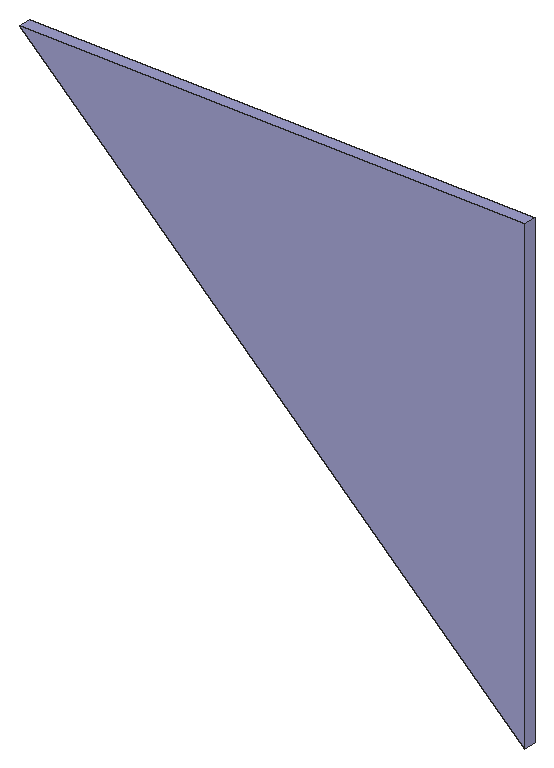
Revit family "EXP_WT-3_CPan-005", category Curtain Panels, Revit 2021
Family settings
  OmniClass Number = 23.25.20.14.11.11.17
  OmniClass Title = Infill Panels
  Always vertical = Yes
  Cut with Voids When Loaded = No
  Shared = No
Parameters
  UI-UnitNumber [instance] = "001"
  UI-Quadrant [instance] = "SE"
  UI-ProjectAbbreviation = "NEU"
  UI-ItemCategory = "PID"
  UI-FloorNumber [instance] = "03"
  PNT-WallType = "WT3"
  PNT-ProjectAbbreviation = "NEU"
  PNT-PanelType [instance] = "01"
  PNT-ItemCategory = "PNL"
  GlassSPH [instance] = 0' - 2 3/8"
  GlassH1 = IG-9F(Glass)
  DistanceAxis [instance] = 1' - 1"
  Define Thermal Properties by = Schematic Type
  CellSxH1 [instance] = CellSxH  # 7' - 10"
  CellSxH [instance] = 7' - 10"
  CellSp = 0' - 11"
  CellL = 7' - 4"
  CellH = 15' - 11 1/2"
  CellDxH1 [instance] = CellDxH  # 7' - 1.09616"
  CellDxH [instance] = 7' - 1.09616"
  Analytic Construction = "<None>"
Reference planes (in)
  plane 1 "Center (Front/Back)": y = 0
  plane 2: z = 0
  plane 3 "Center (Left/Right)": x = 0
  plane 4 "Left": x = -44
  plane 5 "Right": x = 44
  plane 6 "Top": z = 12
  plane 7: y = -11
  plane 8: z = -82
  plane 9: x = -57
Forms (in)
  Extrusion 1, solid, material "IG-9F(Glass)" <- "GlassH1", detail levels coarse+medium
    sketch origin (0, 0, 0) x (1, 0, 0) y (0, 0, 1)
      loop
        line (-57, 12) -> (44, -82) -> (44, 12) -> (-57, 12)
    from 0 to 11 <- "CellSp"
Lines and regions (in)
  reference lines
    curve 1: line (44, 0, -82) -> (-57, 0, 12)
Text (in)
  text "Exterior" at (-92.59733, 55.75508, 0), in view "Ref. Level"
  text "Exterior" at (0, 90.18664, 173.49264), in view "Left"
  text "Exterior" at (0, 52.29083, 162.21847), in view "Right"
Dimensions and locks (in)
  equal spacing: plane 4 "Left", plane 3 "Center (Left/Right)", plane 5 "Right"  (x2)
  "CellL": plane 4 "Left" to plane 5 "Right"
  "CellSp": plane 7 to plane 1 "Center (Front/Back)"
  plane 6 "Top" to plane 2 = 1' - 0"
  "CellSxH": plane 8 to plane 6 "Top"
  "DistanceAxis": plane 9 to plane 4 "Left"
  aligned and locked: level to plane 2
  aligned and locked: plane 6 "Top" to Extrusion 1 sketch curve
  aligned and locked: Extrusion 1 sketch curve to curve 1
  aligned and locked: plane 5 "Right" to Extrusion 1 sketch curve
  aligned and locked: plane 1 "Center (Front/Back)" to nested 1
  aligned and locked: plane 9 to nested 1
  aligned and locked: plane 5 "Right" to nested 1
  aligned and locked: nested 1 to plane 8
  aligned and locked: plane 6 "Top" to nested 1
Automatic sketch dimensions
  curve 1 to plane 6 "Top" = 0' - 0"
  plane 9 to curve 1 = 0' - 0"
  plane 5 "Right" to curve 1 = 0' - 0"
  curve 1 to plane 8 = 0' - 0"
Nested families (in)
  nested 1: "EXP_WT-1x_IG-008" at (-6.5, 0, -28.29245) x (-1, 0, 0) z (0, 0, 1), MaterialGlass <- "GlassH1", GlassSP <- "GlassSPH", type "EXP_WT-1x_IG-008", detail levels fine
    with MaterialGlass IG-9F(Glass), CellSxH 7' - 10", CellL 8' - 5", GlassL 8' - 3.22886", GlassHSX 7' - 8.35161", GlassAngleB 42.9441°, GlassAngleA 47.0559°
Definition of nested family "EXP_WT-1x_IG-008"
  Parameters (values of type "H_GlassSP 2 3/8"")
    MaterialGlass [instance] = none
    GlassSP [instance] = 0' - 2 3/8"
    GlassL [instance] = 4' - 2.45451"
    GlassHSX [instance] = 5' - 5.74376"
    GlassD3 = 0' - 0 1/2"
    GlassD2 = 0' - 0 1/2"
    GlassD1 = 0' - 0 1/2"
    GlassAngleB [instance] = 52.4959°
    GlassAngleA [instance] = 37.5041°
    GMPI-ProjectAbbreviation = "NEU"
    GMPI-IteamCategory = "GLS"
    DistanceFacade = 0' - 4.72441"
    Default Elevation = 0' - 0"
    CellSxH [instance] = 5' - 7.71654"
    CellL [instance] = 4' - 3.9685"
  Reference planes (in)
    plane 1 "Center (Front/Back)": y = 0
    plane 2: z = 0
    plane 3 "Center (Left/Right)": x = 0
    plane 4: x = -25.98425
    plane 5: x = 25.98425
    plane 6: z = 40.29245
    plane 7: x = -25.48425
    plane 8: z = 39.79245
    plane 9: z = -27.42409
  Forms (in)
    Extrusion 1, solid, material <- "MaterialGlass"
      sketch origin (0, 0, 0) x (1, 0, 0) y (0, 0, 1)
        loop
          line (-25.48425, 39.79245) -> (-25.48425, -25.95131) -> (24.97026, 39.79245) -> (-25.48425, 39.79245)
      from 0 to 2.375 <- "GlassSP"
  Lines and regions (in)
    reference lines
      curve 1: line (-25.98425, 0, -27.42409) -> (25.98425, 0, 40.29245)
      curve 2: line (-26.25719, 0, -26.95848) -> (25.71131, 0, 40.75806)
  Dimensions and locks (in)
    equal spacing: plane 4, plane 3 "Center (Left/Right)", plane 5
    "CellL": plane 4 to plane 5
    "GlassD1": plane 4 to plane 7
    "GlassD2": plane 6 to plane 8
    "CellSxH": plane 6 to plane 9
    "GlassD3": curve 1 to curve 2
    "GlassD3": curve 1 to Extrusion 1 sketch curve
    "GlassHSX": plane 8 to Extrusion 1
    "GlassL": Extrusion 1 to Extrusion 1
    "GlassAngleA": angle Extrusion 1 to Extrusion 1
    "GlassAngleB": angle Extrusion 1 to Extrusion 1
    aligned and locked: level to plane 2
    aligned and locked: Extrusion 1 sketch curve to plane 7
    aligned and locked: Extrusion 1 sketch curve to plane 8
  Automatic sketch dimensions
    plane 4 to curve 1 = 0' - 0"
    plane 5 to curve 1 = 0' - 0"
    curve 1 to plane 9 = 0' - 0"
    curve 1 to plane 6 = 0' - 0"
    plane 4 to curve 2 = 0' - 0.27294"
    plane 5 to curve 2 = 0' - 0.27294"
